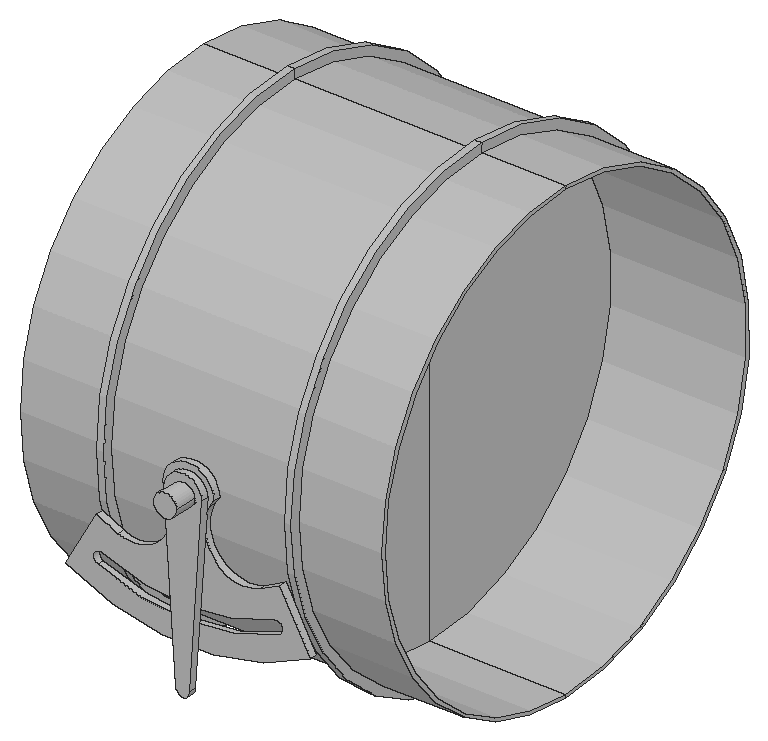
Revit family "Damper-Manual_Balancing-Carnes-Round-FAFA", category Duct Accessories, Revit 2012
Parameters (values of type "User Defined Size")
  ecoScorecard_data = ""
  ecoScorecard Product Page = "http://ecoscorecard.com/"
  URL = "http://www.carnes.com/index.html"
  Subcategory = "Louvers and Dampers"
  Product Page URL = "http://www.carnes.com/Louvers/FAFA.htm"
  Product Line = "Round Dampers"
  Pressure Drop [instance] = if(Diameter Control < 0' 8 1/256", 3.00 in-wg, if(Diameter Control < 1' 0 1/256", 2.50 in-wg, if(Diameter Control < 1' 6 1/256", 2.00 in-wg, if(Diameter Control < 2' 0 1/256", 1.50 in-wg, if(Diameter Control < 2' 6 1/256", 1.25 in-wg, if(Diameter Control < 3' 4 1/256", 0.75 in-wg, 3.00 in-wg))))))  # 2.50 in-wg
  Model = "FAFA"
  Minimum Size [instance] = "4” Diameter"  # constant formula
  Maximum System Velocity [instance] = if(Diameter Control < 0' 8 1/256", 2600 FPM, if(Diameter Control < 1' 0 1/256", 2400 FPM, if(Diameter Control < 2' 0 1/256", 2300 FPM, if(Diameter Control < 2' 6 1/256", 2200 FPM, if(Diameter Control < 3' 4 1/256", 2000 FPM, 2600 FPM)))))  # 2400 FPM
  Maximum Size Note [instance] = "40” Diameter"  # constant formula
  Manufacturer Phone = "608-845-6411"
  Manufacturer Fax = "608-845-6470"
  Manufacturer Email = "mailto:carnes@carnes.com"
  Manufacturer Address = "448 S. Main St., P. O. Box 930040, Verona, WI 53593-0040"
  Manufacturer = "Carnes Company"
  Outside Diameter [instance] = Diameter Control + 0' 0.13"  # 0' - 10.13"
  Frame Material = Aluminum - Carnes - Extruded
  Duct Connection Radius [instance] = Diameter Control / 2  # 0' - 5"
  Diameter Control [instance] = if(Diameter < 0' 4", 0' 4", if(Diameter > 3' 4", 3' 4", Diameter))  # 0' - 10"
  Diameter [instance] = 0' - 10"
  Description = "Round Dampers"
  Depth = 0' - 8"  # constant formula
  Damper Air Flow = 0 CFM
  Cost Info = "mailto:carnes@carnes.com"
  Connector Descriptor 2 = "Duct Connection 2"
  Connector Descriptor 1 = "Duct Connection 1"
  Catalog URL = "http://www.carnes.com/Louvers/pdf/f82.pdf"
  Blade Material = Aluminum - Carnes - Extruded
  Assembly Code = "D3090700"
  95 CSI = "10200"
  04 CSI = "08 91 00"
Reference planes (in)
  plane 1 "Center (Front/Back)": y = 0
  plane 2: z = 0
  plane 3 "Center (Left/Right)": x = 0
  plane 4 "Back": y = 5
  plane 5 "Front": y = -5
  plane 6: y = 5.065
  plane 7: y = -5.065
  plane 8: y = -6.065
  plane 9 "Left": x = -4
  plane 10 "Right": x = 4
  plane 11: x = -2
  plane 12: x = 2
  plane 13: z = 6.07
Forms (in)
  Revolve 1, solid, material "Aluminum - Carnes - Extruded" <- "Frame Material"
    sketch origin (0, 0, 0) x (1, 0, 0) y (0, 0, 1)
      loop
        line (-4, 5) -> (-1, 5) -> (-1, 0) -> (1, 0) -> (1, 5) -> (4, 5) -> (4, 5.07) -> (2.15, 5.07) -> (2.15, 5.275) -> (2, 5.275) -> (2, 5.07) -> (-2, 5.07) -> (-2, 5.275) -> (-2.15, 5.275) -> (-2.15, 5.07) -> (-4, 5.07) -> (-4, 5)
      axis (-4, 0) -> (4, 0)
    angle from 0 to 360
  Extrusion 2, solid, material "Aluminum - Carnes - Extruded" <- "Frame Material", detail levels medium+fine
    sketch origin (0, 0, 0) x (1, 0, 0) y (0, 0, 1)
      loop
        circle (0, 0) r 0.25
    from 5 to 6.065
  Sweep 3, solid, material "Aluminum - Carnes - Extruded" <- "Frame Material"
    path origin (0, -0.03125, 0) x (0, 1, 0) y (0, 0, 1)
      loop
        line (-5.24375, 0) -> (-5.39375, 0)
    profile origin (0, -5.35, 0) x (0, 0, -1) y (1, 0, 0)
      loop
        arc (0.00104, 0.25) -> (-0.24896, -0.00001) -> (0.00104, -0.25001) r 0.25001
        arc (0.00104, -0.25001) -> (0.2507, -0.00001) -> (0.00104, 0.25) r 0.25001
      loop
        arc (0, -0.56574) -> (0.06898, -0.51707) -> (0.14083, -0.47275) r 1.36776
        arc (0.14083, -0.47275) -> (1.15008, -0.57231) -> (1.3833, -1.55928) r 0.87245
        arc (1.3833, -1.55928) -> (1.27858, -1.79418) -> (1.1594, -2.02208) r 4.11979
        line (1.1594, -2.02208) -> (2.36193, -2.69952)
        arc (2.36193, -2.69952) -> (3.07, 0) -> (2.36193, 2.69952) r 5.5
        line (2.36193, 2.69952) -> (1.1594, 2.02208)
        arc (1.1594, 2.02208) -> (1.27858, 1.79418) -> (1.3833, 1.55928) r 4.11979
        arc (1.3833, 1.55928) -> (1.15008, 0.57231) -> (0.14083, 0.47275) r 0.87245
        arc (0.14083, 0.47275) -> (0.06898, 0.51707) -> (0, 0.56574) r 1.36776
        arc (0, 0.56574) -> (-0.56574, 0) -> (0, -0.56574) r 0.56574
      loop
        arc (2.1499, -2.00612) -> (2.57, 0) -> (2.1499, 2.00612) r 5
        arc (2.1499, 2.00612) -> (1.95361, 2.0804) -> (1.87511, 1.88575) r 0.15003
        arc (1.87511, 1.88575) -> (2.27, 0) -> (1.87511, -1.88575) r 4.7
        arc (1.87511, -1.88575) -> (1.95361, -2.0804) -> (2.1499, -2.00612) r 0.15003
  Sweep 4, solid, material "Aluminum - Carnes - Extruded" <- "Frame Material"
    path origin (0, -0.03125, 0) x (0, 1, 0) y (0, 0, 1)
      loop
        line (-5.39375, 0) -> (-5.54375, 0)
    profile origin (0, -5.5, 0) x (0, 0, -1) y (1, 0, 0)
      loop
        arc (0.00104, 0.25) -> (-0.24896, -0.00001) -> (0.00104, -0.25001) r 0.25001
        arc (0.00104, -0.25001) -> (0.2507, -0.00001) -> (0.00104, 0.25) r 0.25001
      loop
        line (-0.01282, -0.42138) -> (3.8602, -0.15164)
        arc (3.8602, -0.15164) -> (4.01184, 0) -> (3.8602, 0.15164) r 0.15164
        line (3.8602, 0.15164) -> (-0.01282, 0.42138)
        arc (-0.01282, 0.42138) -> (-0.42157, 0) -> (-0.01282, -0.42138) r 0.42157
Lines and regions (in)
  Masking region 1
    outline origin (0, 0, 0) x (1, 0, 0) y (0, 1, 0)
      loop
        line (-4, -5.065) -> (4, -5.065) -> (4, 5.065) -> (-4, 5.065) -> (-4, -5.065)
  symbolic lines, detail levels medium+fine
    curve 1: line (-3.9375, -5.065, 0) -> (-3.9375, 5.065, 0)
    curve 2: line (3.9375, -5.065, 0) -> (3.9375, 5.065, 0)
  symbolic lines, detail levels fine
    curve 3: line (-2, 5.065, 0) -> (-2, -5.065, 0)
    curve 4: line (2, 5.065, 0) -> (2, -5.065, 0)
Dimensions and locks (in)
  equal spacing: plane 4 "Back", plane 1 "Center (Front/Back)", plane 5 "Front"
  equal spacing: plane 6, plane 1 "Center (Front/Back)", plane 7
  "Duct Connection Radius": Revolve 1 sketch curve to plane 2
  Revolve 1 sketch curve to plane 3 "Center (Left/Right)" to Revolve 1 sketch curve = 0' - 1" locked, 0' - 1" locked
  locked: plane 7 to plane 8 at 1
  locked: Revolve 1 sketch curve to Revolve 1 sketch curve at 0.07
  equal spacing: plane 9 "Left", plane 3 "Center (Left/Right)", plane 10 "Right"
  "Depth": plane 9 "Left" to plane 10 "Right"
  locked: plane 1 "Center (Front/Back)" to connector elem at 0
  locked: connector elem to level
  locked: connector elem to level at 0
  locked: plane 1 "Center (Front/Back)" to connector elem
  equal spacing: plane 12, plane 3 "Center (Left/Right)", plane 11
  locked: Revolve 1 sketch curve to plane 11 at 0.15
  locked: plane 12 to Revolve 1 sketch curve at 0.15
  "Diameter Control": plane 4 "Back" to plane 5 "Front"
  "Outside Diameter": plane 6 to plane 7
  locked: plane 12 to plane 11 at 4
  Sweep 3 sketch curve to Sweep 3 sketch curve to plane 7 = 0' - 0.15" locked, 0' - 0.21" locked
  Sweep 4 sketch curve to Sweep 4 sketch curve to plane 7 = 0' - 0.15" locked, 0' - 0.36" locked
  locked: plane 2 to Sweep 4 sketch curve at 3.8602
  locked: Sweep 3 sketch curve to plane 2 at 2.43
  radius of Extrusion 2 sketch curve = 0' - 0 1/4"
  radius of Sweep 3 sketch curve = 0' - 5"
  radius of Sweep 3 sketch curve = 0' - 4.7"
  aligned and locked: level to plane 2
  aligned and locked: Revolve 1 sketch curve to plane 2  (x2)
  aligned and locked: plane 3 "Center (Left/Right)" to Extrusion 2 sketch curve
  aligned and locked: Extrusion 2 to plane 8
  aligned and locked: Extrusion 2 to plane 5 "Front"
  aligned and locked: Revolve 1 sketch curve to plane 9 "Left"
  aligned and locked: Revolve 1 sketch curve to plane 10 "Right"
  aligned and locked: plane 7 to curve 1
  aligned and locked: plane 7 to curve 2
  aligned and locked: plane 6 to curve 1
  aligned and locked: plane 6 to curve 2
  aligned and locked: Revolve 1 sketch curve to Revolve 1 sketch curve  (x3)
  aligned and locked: plane 12 to Revolve 1 sketch curve
  aligned and locked: plane 11 to Revolve 1 sketch curve
  aligned and locked: plane 2 to Extrusion 2 sketch curve
  aligned and locked: plane 6 to curve 3
  aligned and locked: plane 6 to curve 4
  aligned and locked: plane 7 to curve 3
  aligned and locked: plane 7 to curve 4
  aligned and locked: curve 4 to plane 12
  aligned and locked: curve 3 to plane 11
  aligned and locked: Masking region 1 sketch curve to plane 9 "Left"
  aligned and locked: Masking region 1 sketch curve to plane 6
  aligned and locked: Sweep 3 sketch curve to plane 2
  aligned and locked: plane 3 "Center (Left/Right)" to Sweep 4 sketch curve  (x2)
  aligned and locked: plane 2 to Sweep 4 sketch curve
  aligned and locked: plane 2 to Sweep 3 sketch curve
  aligned and locked: plane 3 "Center (Left/Right)" to Sweep 3 sketch curve  (x2)
Automatic sketch dimensions
  plane 9 "Left" to Revolve 1 sketch curve = 0' - 0.79275"
  plane 10 "Right" to Revolve 1 sketch curve = 0' - 3.20725"
  Revolve 1 sketch curve to Revolve 1 sketch curve = 0' - 0.205"  (x2)
  curve 1 to plane 9 "Left" = 0' - 0 1/16"
  curve 2 to plane 10 "Right" = 0' - 0 1/16"
  Masking region 1 sketch curve to plane 10 "Right" = 0' - 0"
  plane 7 to Masking region 1 sketch curve = 0' - 0"
  level to Sweep 4 sketch curve = 0' - 0"
  profile plane to Sweep 4 sketch curve = 0' - 0.01282"  (x2)
  Sweep 4 sketch curve to plane 3 "Center (Left/Right)" = 0' - 0"
  Sweep 4 sketch curve to profile plane = 0' - 0.00069"
  Sweep 4 sketch curve to profile plane = 0' - 0.00104"
  Sweep 4 sketch curve to plane 3 "Center (Left/Right)" = 0' - 0.15164"
  Sweep 4 sketch curve to Sweep 4 sketch curve = 0' - 0 1/4"
  Sweep 4 sketch curve to Sweep 4 sketch curve = 0' - 0.17136"
  Sweep 3 sketch curve to Sweep 3 sketch curve = 0' - 0"  (x12)
  Sweep 3 sketch curve to plane 3 "Center (Left/Right)" = 0' - 0"
  Sweep 3 sketch curve to profile plane = 0' - 0.00069"
  Sweep 3 sketch curve to profile plane = 0' - 0.00104"
  Sweep 3 sketch curve to profile plane = 0' - 0.14083"  (x2)
  Sweep 3 sketch curve to Sweep 3 sketch curve = 0' - 0.24691"  (x2)
  Sweep 3 sketch curve to Sweep 3 sketch curve = 0' - 0.33674"  (x2)
  Sweep 3 sketch curve to Sweep 3 sketch curve = 0' - 0.2239"  (x2)
  Sweep 3 sketch curve to Sweep 3 sketch curve = 0' - 0.4918"  (x2)
  Sweep 3 sketch curve to Sweep 3 sketch curve = 0' - 0.1387"
  Sweep 3 sketch curve to Sweep 3 sketch curve = 0' - 0.1361"  (x2)
  Sweep 3 sketch curve to Sweep 3 sketch curve = 0' - 0.21203"  (x2)
  Sweep 3 sketch curve to Sweep 3 sketch curve = 0' - 0 1/4"
  Sweep 3 sketch curve to Sweep 3 sketch curve = 0' - 0.22274"
  Sweep 3 sketch curve to Sweep 3 sketch curve = 0' - 0.32647"
  Sweep 3 sketch curve to Sweep 3 sketch curve = 0' - 0.05722"
  Sweep 3 sketch curve to Sweep 3 sketch curve = 0' - 0.6934"
  plane 3 "Center (Left/Right)" to Sweep 3 sketch curve = 0' - 0.47275"
Connectors (in)
  hvac at (-4, 0, 0), driven by "Duct Connection Radius", driven by "Damper Air Flow", driven by "Connector Descriptor 1", driven by "Pressure Drop"
    settings: index 1, duct flow 0 CFM, flow factor 0, pres drop 2.50 in-wg, loss coef 0, conn angle 0.00°, conn width 12", conn height 12", conn radius 5", duct sys type 29, conn prof type 0, flow config 0, flow direction 0, loss method 4, conn ref index 2, conn util no, is conn primary yes, conn desc "Duct Connection 1"
  hvac at (4, 0, 0), driven by "Duct Connection Radius", driven by "Damper Air Flow", driven by "Connector Descriptor 2", driven by "Pressure Drop"
    settings: index 2, duct flow 0 CFM, flow factor 0, pres drop 2.50 in-wg, loss coef 0, conn angle 0.00°, conn width 12", conn height 12", conn radius 5", duct sys type 29, conn prof type 0, flow config 0, flow direction 0, loss method 4, conn ref index 1, conn util no, is conn primary no, conn desc "Duct Connection 2"
